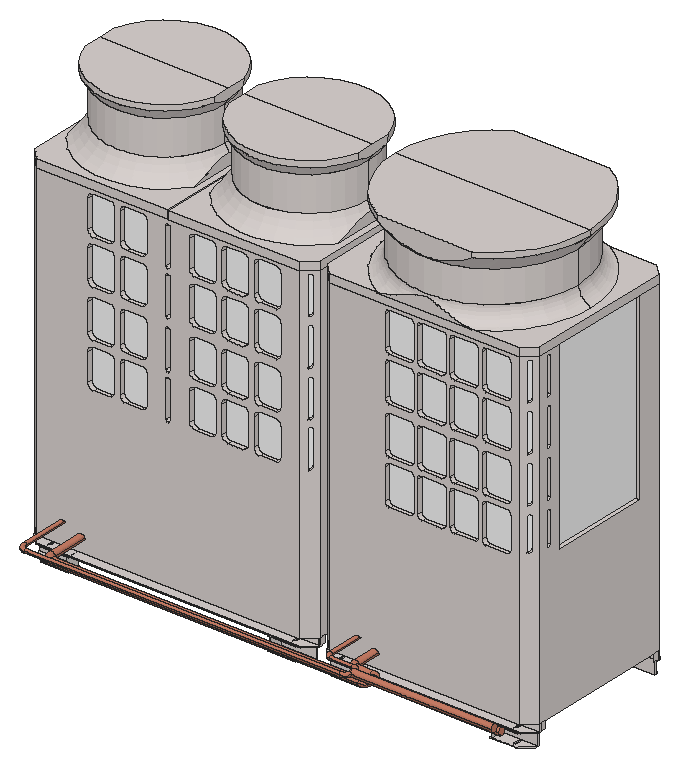
Revit family "PURY-EP650YSNW-A1", category 機械設備, Revit 2016
Family settings
  パーツ タイプ = 標準
  丸型コネクタ寸法 = 半径を使用
  OmniClass 番号 = 23.75.00.00
  OmniClass タイトル = Climate Control (HVAC)
  作業面に基づく = いいえ
  常に垂直 = はい
  ロード時にボイドで切り取り = いいえ
  共有 = いいえ
  部屋の計算ポイント = いいえ
Parameters (values of type "PURY-EP650YSNW-A1_415V_60Hz")
  WarrantyStart = ""
  Temp. range of cooling (Outdoor temp.) (D.B.) = "-5.0 to 52.0"
  Temp. range of cooling (Indoor temp.) (W.B.) = "15.0 to 24.0"
  TagNumber = 0
  SerialNumber = 0
  ReplacementYear = ""
  Outdoor unit 2 Breaker size (A) = 30
  Outdoor unit 1 Breaker size (A) = 40
  Note_1 = "Refrigerant pipe diameters may change depending on the installation condition. Please refer to the installation manual."
  モデル = "PURY-EP650YSNW-A1"
  Width = 2190.000 mm
  Voltage = 415 V
  Unit Weight (kg) = 505
  URL = "http://www.mitsubishielectric.com/"
  Temp. range of heating (Outdoor temp.) (W.B.) = "-20.0 to 15.5"
  Temp. range of heating (Indoor temp.) (D.B.) = "15.0 to 27.0"
  Subcategory = "HVAC"
  Space View = yes
  Sound Pressure Level (dB(A)) Heating mode = 69
  Sound Pressure Level (dB(A)) Cooling mode = 65
  Refrigerant type = "R410A"
  Refrigerant Charge (kg) = 13.2
  Protection Devices_Inverter circuit (COMP./FAN) = "Over-current protection"
  Protection Devices_High pressure (MPa) = "High pressure sensor, High pressure switch at 4.15"
  Phase = 3
  製造元 = "Mitsubishi Electric Corporation"
  Outdoor unit 2 = PURY-EP300YNW-A1 : PURY-EP300YNW-A1
  Outdoor unit 1 = PURY-EP350YNW-A1 : PURY-EP350YNW-A1
  Maximum Circuit Ampacity (A) = 44.7
  Low pressure pipe_radius = 14.290 mm
  InstallationDate = "0"
  Indoor Unit Total Capacity = "50 to 150% of outdoor unit capacity"
  Indoor Unit Model/Quantity = "P10 to P250/2 to 50"
  High pressure pipe_radius = 14.290 mm
  Hertz = 60 Hz
  Height = 1858.000 mm
  Heating SCOP (kW/kW) = 3.99
  Heating Rated Load Ampacity (A) = 32.4
  Heating Power Input (kW) = 21
  Heating Power Input (Nominal) (kW) = 17.67
  Heating Current Input (Nominal) (A) = 27.3
  Heating Current Input (A) = 32.4
  Heating Capacity (kW) = 81.5
  Heating Capacity (Nominal) (kW) = 73
  Heating COP (kW/kW) = 3.88
  Heating COP (Nominal) (kW/kW) = 4.13
  Fan_Type = "Propeller Fan"
  Fan_Quantity = 3
  Fan Motor Output (kW) = 1.84
  External static pressure (Pa) = 0
  External Finish = "Pre-coated galvanized steel sheets (+powder coating for -BS type) <MUNSELL 5Y 8/1 or similar>"
  Equip_description = "0"
  Equip_No. = 0
  Equip_ID = "0"
  Description = "0"
  Depth = 740.000 mm
  CreatedOn = "0"
  CreatedBy = "0"
  Cooling SEER (kW/kW) = 6.5
  Cooling Rated Load Ampacity (A) = 28.7
  Cooling Power Input (kW) = 18.57
  Cooling EER (kW/kW) = 3.93
  Cooling Current Input (A) = 28.7
  Cooling Capacity (kW) = 73
  Compressor_Type = "Inverter scroll hermetic compressor"
  Compressor_Quantity = 2
  Compressor_Lubricant = "MEL32"
  Compressor Motor Output (kW) = 16
  Category = "0"
  Barcode = "0"
  AssetIdentifier = "0"
  Airflow Rate (m3/min) = 490
  Airflow Rate (m3/h) = 29400
Reference planes
  plane 1 "Center (Front/Back)": y = 0
  plane 2: z = 0
  plane 3 "Center (Left/Right)": x = -160
  plane 4: y = 370
  plane 5 "front": y = -370
  plane 6: x = -1255
  plane 7: x = 935
  plane 8: x = 15
  plane 9: x = -15
  plane 10: z = 1858
  plane 11: x = 258
  plane 12: x = 183
Forms (mm)
  Sweep 1, solid, material "Copper"
    path origin (1017.215, -4.248, 187) x (0, -1, 0) y (1, 0, 0)
      loop
        line (360, -2112.386) -> (570, -2112.386)
        arc (570, -2112.386) -> (591.213, -2103.6) -> (600, -2082.386) r 30
        line (600, -2082.386) -> (600, -718.221)
        arc (600, -718.221) -> (594.142, -704.079) -> (580, -698.221) r 20
        line (580, -698.221) -> (552.385, -698.221)
        arc (552.385, -698.221) -> (538.243, -704.079) -> (532.385, -718.221) r 20
        line (532.385, -718.221) -> (532.385, -814.215)
        arc (532.385, -814.215) -> (526.527, -828.357) -> (512.385, -834.215) r 20
        line (512.385, -834.215) -> (357.385, -834.215)
    profile origin (-1095.172, -469.248, 187) x (1, 0, 0) y (0, 0, 1)
      loop
        circle (0, 0) r 7.94
  Sweep 2, solid, material "Copper"
    path origin (1039.386, -4.248, 155) x (0, -1, 0) y (1, 0, 0)
      loop
        line (360, -2053) -> (525, -2053)
        arc (525, -2053) -> (546.213, -2044.213) -> (555, -2023) r 30
        line (555, -2023) -> (555, -775.386) -> (555, -690.386)
        arc (555, -690.386) -> (549.142, -676.244) -> (535, -670.386) r 20
        line (535, -670.386) -> (510, -670.386)
        arc (510, -670.386) -> (495.858, -676.244) -> (490, -690.386) r 20
        line (490, -690.386) -> (490, -761.386)
        arc (490, -761.386) -> (484.142, -775.529) -> (470, -781.386) r 20
        line (470, -781.386) -> (360, -781.386)
    profile origin (-1013.614, -446.748, 155) x (1, 0, 0) y (0, 0, 1)
      loop
        circle (0, 0) r 14.29
  Sweep 3, solid, material "Copper"
    path origin (934.386, -4.248, 187) x (0, -1, 0) y (1, 0, 0)
      loop
        line (565.96, -609.386) -> (565.96, 0.614)
    profile origin (630, -570.208, 187) x (0, 1, 0) y (0, 0, 1)
      loop
        circle (0, 0) r 14.29
  Sweep 4, solid, material "Copper"
    path origin (934.386, -4.248, 155.027) x (-1, 0, 0) y (0, -1, 0)
      loop
        line (555, 523.84) -> (0, 523.84)
    profile origin (656.886, -528.088, 155.027) x (0, 1, 0) y (0, 0, 1)
      loop
        circle (0, 0) r 14.29
Dimensions and locks
  nested 2 to nested 1 to plane 7 = 30.000 mm, 920.000 mm
  nested 2 to nested 2 = 1240.000 mm
  "High pressure pipe_radius": radius of Sweep 3 sketch curve
  "Low pressure pipe_radius": radius of Sweep 4 sketch curve
  aligned and locked: level to plane 2
Automatic sketch dimensions
  Sweep 1 sketch curve to plane 5 "front" = 8.366 mm
  Sweep 1 sketch curve to plane 5 "front" = 5.752 mm
  plane 5 "front" to Sweep 1 sketch curve = 146.634 mm
  Sweep 1 sketch curve to Sweep 1 sketch curve = 20.000 mm  (x2)
  plane 5 "front" to Sweep 1 sketch curve = 204.248 mm
  Sweep 1 sketch curve to Sweep 1 sketch curve = 27.615 mm
  Sweep 1 sketch curve to Sweep 1 sketch curve = 30.000 mm
  plane 6 to Sweep 1 sketch curve = 159.828 mm
  plane 3 "Center (Left/Right)" to Sweep 1 sketch curve = 343.000 mm
  Sweep 1 sketch curve to Sweep 1 sketch curve = 95.994 mm
  profile plane to Sweep 1 sketch curve = 0.000 mm
  Sweep 1 sketch curve to profile plane = 0.000 mm
  Sweep 2 sketch curve to plane 5 "front" = 5.752 mm  (x2)
  plane 5 "front" to Sweep 2 sketch curve = 104.248 mm
  Sweep 2 sketch curve to Sweep 2 sketch curve = 20.000 mm  (x3)
  plane 5 "front" to Sweep 2 sketch curve = 159.248 mm
  Sweep 2 sketch curve to Sweep 2 sketch curve = 25.000 mm
  plane 6 to Sweep 2 sketch curve = 241.386 mm
  plane 3 "Center (Left/Right)" to Sweep 2 sketch curve = 424.000 mm
  Sweep 2 sketch curve to Sweep 2 sketch curve = 6.000 mm
  Sweep 2 sketch curve to Sweep 2 sketch curve = 71.000 mm
  profile plane to Sweep 2 sketch curve = 0.000 mm
  Sweep 2 sketch curve to profile plane = 0.000 mm
  Sweep 3 sketch curve to profile plane = 0.000 mm  (x2)
  Sweep 4 sketch curve to profile plane = 0.000 mm  (x2)
  Sweep 4 sketch curve to plane 7 = 0.614 mm
  plane 5 "front" to Sweep 4 sketch curve = 158.088 mm
  plane 11 to Sweep 4 sketch curve = 121.386 mm
  Sweep 3 sketch curve to plane 7 = 0.000 mm
  plane 5 "front" to Sweep 3 sketch curve = 200.208 mm
  plane 11 to Sweep 3 sketch curve = 67.000 mm
  radius of Sweep 1 sketch curve = 7.940 mm
  radius of Sweep 2 sketch curve = 14.290 mm
Nested families
  nested 1: "PURY-EP300YNW-A1" at (475, 0, 0), type "PURY-EP300YNW-A1"
  nested 2: "PURY-EP350YNW-A1" at (-635, 0, 0), type "PURY-EP350YNW-A1"
Connectors
  piping at (934.386, -528.088, 155.027), diameter 28.58, driven by "Low pressure pipe_radius"
    settings: on Sweep 4, index 1, connector inside diameter 28.58 mm, connector length 0.000 mm, flow factor 0, pipe flow 0.0 L/s, pressure drop 0.0 Pa, fitting loss kfactor 0, connector angle 0.00°, fixture units 0, engagement length 0.000 mm, angle of deflection 0.00°, flow configuration 0, flow direction 0, fitting loss method 0, system type 22, joint type 0, gender type 0, connector reference index -1, connector utility 0, adjustable connector no, is connector primary yes, connector description "BC controller-Twinning pipe(Low pressure)"
  piping at (935, -570.208, 187), diameter 28.58, driven by "High pressure pipe_radius"
    settings: on Sweep 3, index 2, connector inside diameter 28.58 mm, connector length 0.000 mm, flow factor 0, pipe flow 0.0 L/s, pressure drop 0.0 Pa, fitting loss kfactor 0, connector angle 0.00°, fixture units 0, engagement length 0.000 mm, angle of deflection 0.00°, flow configuration 0, flow direction 0, fitting loss method 0, system type 22, joint type 0, gender type 0, connector reference index -1, connector utility 0, adjustable connector no, is connector primary no, connector description "BC controller-Twinning pipe(High pressure)"
  electrical at (319, -370, 280), driven by "Phase", driven by "Voltage"
    settings: index 4, voltage 415 V, apparent load 0 VA, apparent load phase1 0 VA, apparent load phase2 0 VA, apparent load phase3 0 VA, power factor 1, load classification "HVAC", number of poles 3, system type 30, power factor state 1, is connector primary yes, connector utility no, sub classification motor no, connector description ""
  electrical at (-633, -370, 280), driven by "Phase", driven by "Voltage"
    settings: index 5, voltage 415 V, apparent load 0 VA, apparent load phase1 0 VA, apparent load phase2 0 VA, apparent load phase3 0 VA, power factor 1, load classification "HVAC", number of poles 3, system type 30, power factor state 1, is connector primary no, connector utility no, sub classification motor no, connector description ""
Definition of nested family "PURY-EP300YNW-A1"
  Parameters
    Model = "PUHY-P200YNW-A"
    URL = "http://www.mitsubishielectric.com/"
    Manufacturer = "Mitsubishi Electric Corporation"
    Liquid pipe_radius = 4.760 mm
    Gas pipe_radius = 11.100 mm
  Reference planes
    plane 1 "Center (Front/Back)": y = 0
    plane 2: z = 0
    plane 3 "Center (Left/Right)": x = 0
    plane 4 "11": through (-415, 370, 1200) normal (0.7071, -0.7071, 0)
    plane 5 "22": through (-415, -370, 1200) normal (-0.7071, -0.7071, 0)
    plane 6 "44": through (460, 325, 1200) normal (-0.7071, -0.7071, 0)
    plane 7 "33": through (460, -325, 1200) normal (0.7071, -0.7071, 0)
    plane 8: z = 754.5
    plane 9: z = 909.5
    plane 10: x = -300
    plane 11: x = -217
    plane 12: y = 370
    plane 13: y = -370
    plane 14: x = -460
    plane 15: x = 460
  Forms (mm)
    Extrusion 1, solid
      sketch origin (0, 0, 113) x (-1, 0, 0) y (0, -1, 0)
        loop
          line (410, -370) -> (460, -320) -> (460, 320) -> (410, 370) -> (-410, 370) -> (-460, 320) -> (-460, -320) -> (-410, -370) -> (410, -370)
      from -18 to 1408
    Extrusion 2, void
      sketch origin (410, -370, 113) x (1, 0, 0) y (0, 0, -1)
        loop
          arc (-55, -1393.5) -> (-40.858, -1387.642) -> (-35, -1373.5) r 20
          line (-35, -1373.5) -> (-35, -1238.676)
          arc (-35, -1238.676) -> (-40.858, -1224.534) -> (-55, -1218.676) r 20
          line (-55, -1218.676) -> (-139.8, -1218.676)
          arc (-139.8, -1218.676) -> (-153.942, -1224.534) -> (-159.8, -1238.676) r 20
          line (-159.8, -1238.676) -> (-159.8, -1373.5)
          arc (-159.8, -1373.5) -> (-153.942, -1387.642) -> (-139.8, -1393.5) r 20
          line (-139.8, -1393.5) -> (-55, -1393.5)
      from 0 to 20
    Extrusion 3, void
      sketch origin (270, -370, 113) x (1, 0, 0) y (0, 0, -1)
        loop
          arc (-55, -1393.5) -> (-40.858, -1387.642) -> (-35, -1373.5) r 20
          line (-35, -1373.5) -> (-35, -1238.676)
          arc (-35, -1238.676) -> (-40.858, -1224.534) -> (-55, -1218.676) r 20
          line (-55, -1218.676) -> (-139.8, -1218.676)
          arc (-139.8, -1218.676) -> (-153.942, -1224.534) -> (-159.8, -1238.676) r 20
          line (-159.8, -1238.676) -> (-159.8, -1373.5)
          arc (-159.8, -1373.5) -> (-153.942, -1387.642) -> (-139.8, -1393.5) r 20
          line (-139.8, -1393.5) -> (-55, -1393.5)
      from 0 to 20
    Extrusion 4, void
      sketch origin (130, -370, 113) x (1, 0, 0) y (0, 0, -1)
        loop
          arc (-55, -1393.5) -> (-40.858, -1387.642) -> (-35, -1373.5) r 20
          line (-35, -1373.5) -> (-35, -1238.676)
          arc (-35, -1238.676) -> (-40.858, -1224.534) -> (-55, -1218.676) r 20
          line (-55, -1218.676) -> (-139.8, -1218.676)
          arc (-139.8, -1218.676) -> (-153.942, -1224.534) -> (-159.8, -1238.676) r 20
          line (-159.8, -1238.676) -> (-159.8, -1373.5)
          arc (-159.8, -1373.5) -> (-153.942, -1387.642) -> (-139.8, -1393.5) r 20
          line (-139.8, -1393.5) -> (-55, -1393.5)
      from 0 to 20
    Extrusion 5, void
      sketch origin (-10, -370, 113) x (1, 0, 0) y (0, 0, -1)
        loop
          arc (-55, -1393.5) -> (-40.858, -1387.642) -> (-35, -1373.5) r 20
          line (-35, -1373.5) -> (-35, -1238.676)
          arc (-35, -1238.676) -> (-40.858, -1224.534) -> (-55, -1218.676) r 20
          line (-55, -1218.676) -> (-139.8, -1218.676)
          arc (-139.8, -1218.676) -> (-153.942, -1224.534) -> (-159.8, -1238.676) r 20
          line (-159.8, -1238.676) -> (-159.8, -1373.5)
          arc (-159.8, -1373.5) -> (-153.942, -1387.642) -> (-139.8, -1393.5) r 20
          line (-139.8, -1393.5) -> (-55, -1393.5)
      from 0 to 20
    Extrusion 6, void
      sketch origin (410, -370, -81) x (1, 0, 0) y (0, 0, -1)
        loop
          arc (-55, -1393.5) -> (-40.858, -1387.642) -> (-35, -1373.5) r 20
          line (-35, -1373.5) -> (-35, -1238.676)
          arc (-35, -1238.676) -> (-40.858, -1224.534) -> (-55, -1218.676) r 20
          line (-55, -1218.676) -> (-139.8, -1218.676)
          arc (-139.8, -1218.676) -> (-153.942, -1224.534) -> (-159.8, -1238.676) r 20
          line (-159.8, -1238.676) -> (-159.8, -1373.5)
          arc (-159.8, -1373.5) -> (-153.942, -1387.642) -> (-139.8, -1393.5) r 20
          line (-139.8, -1393.5) -> (-55, -1393.5)
      from 0 to 20
    Extrusion 7, void
      sketch origin (270, -370, -81) x (1, 0, 0) y (0, 0, -1)
        loop
          arc (-55, -1393.5) -> (-40.858, -1387.642) -> (-35, -1373.5) r 20
          line (-35, -1373.5) -> (-35, -1238.676)
          arc (-35, -1238.676) -> (-40.858, -1224.534) -> (-55, -1218.676) r 20
          line (-55, -1218.676) -> (-139.8, -1218.676)
          arc (-139.8, -1218.676) -> (-153.942, -1224.534) -> (-159.8, -1238.676) r 20
          line (-159.8, -1238.676) -> (-159.8, -1373.5)
          arc (-159.8, -1373.5) -> (-153.942, -1387.642) -> (-139.8, -1393.5) r 20
          line (-139.8, -1393.5) -> (-55, -1393.5)
      from 0 to 20
    Extrusion 8, void
      sketch origin (130, -370, -81) x (1, 0, 0) y (0, 0, -1)
        loop
          arc (-55, -1393.5) -> (-40.858, -1387.642) -> (-35, -1373.5) r 20
          line (-35, -1373.5) -> (-35, -1238.676)
          arc (-35, -1238.676) -> (-40.858, -1224.534) -> (-55, -1218.676) r 20
          line (-55, -1218.676) -> (-139.8, -1218.676)
          arc (-139.8, -1218.676) -> (-153.942, -1224.534) -> (-159.8, -1238.676) r 20
          line (-159.8, -1238.676) -> (-159.8, -1373.5)
          arc (-159.8, -1373.5) -> (-153.942, -1387.642) -> (-139.8, -1393.5) r 20
          line (-139.8, -1393.5) -> (-55, -1393.5)
      from 0 to 20
    Extrusion 9, void
      sketch origin (-10, -370, -81) x (1, 0, 0) y (0, 0, -1)
        loop
          arc (-55, -1393.5) -> (-40.858, -1387.642) -> (-35, -1373.5) r 20
          line (-35, -1373.5) -> (-35, -1238.676)
          arc (-35, -1238.676) -> (-40.858, -1224.534) -> (-55, -1218.676) r 20
          line (-55, -1218.676) -> (-139.8, -1218.676)
          arc (-139.8, -1218.676) -> (-153.942, -1224.534) -> (-159.8, -1238.676) r 20
          line (-159.8, -1238.676) -> (-159.8, -1373.5)
          arc (-159.8, -1373.5) -> (-153.942, -1387.642) -> (-139.8, -1393.5) r 20
          line (-139.8, -1393.5) -> (-55, -1393.5)
      from 0 to 20
    Extrusion 10, void
      sketch origin (410, -370, -287) x (1, 0, 0) y (0, 0, -1)
        loop
          arc (-55, -1393.5) -> (-40.858, -1387.642) -> (-35, -1373.5) r 20
          line (-35, -1373.5) -> (-35, -1238.676)
          arc (-35, -1238.676) -> (-40.858, -1224.534) -> (-55, -1218.676) r 20
          line (-55, -1218.676) -> (-139.8, -1218.676)
          arc (-139.8, -1218.676) -> (-153.942, -1224.534) -> (-159.8, -1238.676) r 20
          line (-159.8, -1238.676) -> (-159.8, -1373.5)
          arc (-159.8, -1373.5) -> (-153.942, -1387.642) -> (-139.8, -1393.5) r 20
          line (-139.8, -1393.5) -> (-55, -1393.5)
      from 0 to 20
    Extrusion 11, void
      sketch origin (270, -370, -287) x (1, 0, 0) y (0, 0, -1)
        loop
          arc (-55, -1393.5) -> (-40.858, -1387.642) -> (-35, -1373.5) r 20
          line (-35, -1373.5) -> (-35, -1238.676)
          arc (-35, -1238.676) -> (-40.858, -1224.534) -> (-55, -1218.676) r 20
          line (-55, -1218.676) -> (-139.8, -1218.676)
          arc (-139.8, -1218.676) -> (-153.942, -1224.534) -> (-159.8, -1238.676) r 20
          line (-159.8, -1238.676) -> (-159.8, -1373.5)
          arc (-159.8, -1373.5) -> (-153.942, -1387.642) -> (-139.8, -1393.5) r 20
          line (-139.8, -1393.5) -> (-55, -1393.5)
      from 0 to 20
    Extrusion 12, void
      sketch origin (130, -370, -287) x (1, 0, 0) y (0, 0, -1)
        loop
          arc (-55, -1393.5) -> (-40.858, -1387.642) -> (-35, -1373.5) r 20
          line (-35, -1373.5) -> (-35, -1238.676)
          arc (-35, -1238.676) -> (-40.858, -1224.534) -> (-55, -1218.676) r 20
          line (-55, -1218.676) -> (-139.8, -1218.676)
          arc (-139.8, -1218.676) -> (-153.942, -1224.534) -> (-159.8, -1238.676) r 20
          line (-159.8, -1238.676) -> (-159.8, -1373.5)
          arc (-159.8, -1373.5) -> (-153.942, -1387.642) -> (-139.8, -1393.5) r 20
          line (-139.8, -1393.5) -> (-55, -1393.5)
      from 0 to 20
    Extrusion 13, void
      sketch origin (-10, -370, -287) x (1, 0, 0) y (0, 0, -1)
        loop
          arc (-55, -1393.5) -> (-40.858, -1387.642) -> (-35, -1373.5) r 20
          line (-35, -1373.5) -> (-35, -1238.676)
          arc (-35, -1238.676) -> (-40.858, -1224.534) -> (-55, -1218.676) r 20
          line (-55, -1218.676) -> (-139.8, -1218.676)
          arc (-139.8, -1218.676) -> (-153.942, -1224.534) -> (-159.8, -1238.676) r 20
          line (-159.8, -1238.676) -> (-159.8, -1373.5)
          arc (-159.8, -1373.5) -> (-153.942, -1387.642) -> (-139.8, -1393.5) r 20
          line (-139.8, -1393.5) -> (-55, -1393.5)
      from 0 to 20
    Extrusion 14, void
      sketch origin (410, -370, -481) x (1, 0, 0) y (0, 0, -1)
        loop
          arc (-55, -1393.5) -> (-40.858, -1387.642) -> (-35, -1373.5) r 20
          line (-35, -1373.5) -> (-35, -1238.676)
          arc (-35, -1238.676) -> (-40.858, -1224.534) -> (-55, -1218.676) r 20
          line (-55, -1218.676) -> (-139.8, -1218.676)
          arc (-139.8, -1218.676) -> (-153.942, -1224.534) -> (-159.8, -1238.676) r 20
          line (-159.8, -1238.676) -> (-159.8, -1373.5)
          arc (-159.8, -1373.5) -> (-153.942, -1387.642) -> (-139.8, -1393.5) r 20
          line (-139.8, -1393.5) -> (-55, -1393.5)
      from 0 to 20
    Extrusion 15, void
      sketch origin (270, -370, -481) x (1, 0, 0) y (0, 0, -1)
        loop
          arc (-55, -1393.5) -> (-40.858, -1387.642) -> (-35, -1373.5) r 20
          line (-35, -1373.5) -> (-35, -1238.676)
          arc (-35, -1238.676) -> (-40.858, -1224.534) -> (-55, -1218.676) r 20
          line (-55, -1218.676) -> (-139.8, -1218.676)
          arc (-139.8, -1218.676) -> (-153.942, -1224.534) -> (-159.8, -1238.676) r 20
          line (-159.8, -1238.676) -> (-159.8, -1373.5)
          arc (-159.8, -1373.5) -> (-153.942, -1387.642) -> (-139.8, -1393.5) r 20
          line (-139.8, -1393.5) -> (-55, -1393.5)
      from 0 to 20
    Extrusion 16, void
      sketch origin (130, -370, -481) x (1, 0, 0) y (0, 0, -1)
        loop
          arc (-55, -1393.5) -> (-40.858, -1387.642) -> (-35, -1373.5) r 20
          line (-35, -1373.5) -> (-35, -1238.676)
          arc (-35, -1238.676) -> (-40.858, -1224.534) -> (-55, -1218.676) r 20
          line (-55, -1218.676) -> (-139.8, -1218.676)
          arc (-139.8, -1218.676) -> (-153.942, -1224.534) -> (-159.8, -1238.676) r 20
          line (-159.8, -1238.676) -> (-159.8, -1373.5)
          arc (-159.8, -1373.5) -> (-153.942, -1387.642) -> (-139.8, -1393.5) r 20
          line (-139.8, -1393.5) -> (-55, -1393.5)
      from 0 to 20
    Extrusion 17, void
      sketch origin (-10, -370, -481) x (1, 0, 0) y (0, 0, -1)
        loop
          arc (-55, -1393.5) -> (-40.858, -1387.642) -> (-35, -1373.5) r 20
          line (-35, -1373.5) -> (-35, -1238.676)
          arc (-35, -1238.676) -> (-40.858, -1224.534) -> (-55, -1218.676) r 20
          line (-55, -1218.676) -> (-139.8, -1218.676)
          arc (-139.8, -1218.676) -> (-153.942, -1224.534) -> (-159.8, -1238.676) r 20
          line (-159.8, -1238.676) -> (-159.8, -1373.5)
          arc (-159.8, -1373.5) -> (-153.942, -1387.642) -> (-139.8, -1393.5) r 20
          line (-139.8, -1393.5) -> (-55, -1393.5)
      from 0 to 20
    Extrusion 18, solid
      sketch origin (0, -189, -3) x (0, 0, -1) y (-1, 0, 0)
        loop
          circle (-179, 217) r 11.1
      from 0 to 150
    Extrusion 19, solid
      sketch origin (0, -172, -3) x (0, 0, -1) y (-1, 0, 0)
        loop
          circle (-179, 300) r 4.76
      from 0 to 150
    Extrusion 20, void
      sketch origin (-460, -320, 113) x (0, -1, 0) y (0, 0, -1)
        loop
          line (-611.5, -1236.511) -> (-611.5, -1386.5)
          arc (-611.5, -1386.5) -> (-601.5, -1396.5) -> (-591.5, -1386.5) r 10
          line (-591.5, -1386.5) -> (-591.5, -1236.511)
          arc (-591.5, -1236.511) -> (-601.5, -1226.511) -> (-611.5, -1236.511) r 10
      from 0 to 20
    Extrusion 21, void
      sketch origin (-460, -320, -87.006) x (0, -1, 0) y (0, 0, -1)
        loop
          line (-611.5, -1236.511) -> (-611.5, -1386.5)
          arc (-611.5, -1386.5) -> (-601.5, -1396.5) -> (-591.5, -1386.5) r 10
          line (-591.5, -1386.5) -> (-591.5, -1236.511)
          arc (-591.5, -1236.511) -> (-601.5, -1226.511) -> (-611.5, -1236.511) r 10
      from 0 to 20
    Extrusion 22, void
      sketch origin (-460, -320, -287.006) x (0, -1, 0) y (0, 0, -1)
        loop
          line (-611.5, -1236.511) -> (-611.5, -1386.5)
          arc (-611.5, -1386.5) -> (-601.5, -1396.5) -> (-591.5, -1386.5) r 10
          line (-591.5, -1386.5) -> (-591.5, -1236.511)
          arc (-591.5, -1236.511) -> (-601.5, -1226.511) -> (-611.5, -1236.511) r 10
      from 0 to 20
    Extrusion 23, void
      sketch origin (-460, -320, -479.506) x (0, -1, 0) y (0, 0, -1)
        loop
          line (-611.5, -1244.006) -> (-611.5, -1379.006)
          arc (-611.5, -1379.006) -> (-601.5, -1389.006) -> (-591.5, -1379.006) r 10
          line (-591.5, -1379.006) -> (-591.5, -1244.006)
          arc (-591.5, -1244.006) -> (-601.5, -1234.006) -> (-611.5, -1244.006) r 10
      from 0 to 20
    Extrusion 24, void
      sketch origin (-460, -320, 113) x (0, -1, 0) y (0, 0, -1)
        loop
          line (-543, -1408) -> (-215, -1408) -> (-215, -632) -> (-543, -632) -> (-543, -1408)
      from 0 to 20
    Extrusion 25, void
      sketch origin (-410, 370, 113) x (0.707107, 0.707107, 0) y (0, 0, 1)
        loop
          line (-27.158, 1236.539) -> (-27.158, 1386.461)
          arc (-27.158, 1386.461) -> (-37.158, 1396.461) -> (-47.158, 1386.461) r 10
          line (-47.158, 1386.461) -> (-47.158, 1236.539)
          arc (-47.158, 1236.539) -> (-37.158, 1226.539) -> (-27.158, 1236.539) r 10
        loop
          line (-27.158, 1036.539) -> (-27.158, 1186.461)
          arc (-27.158, 1186.461) -> (-37.158, 1196.461) -> (-47.158, 1186.461) r 10
          line (-47.158, 1186.461) -> (-47.158, 1036.539)
          arc (-47.158, 1036.539) -> (-37.158, 1026.539) -> (-27.158, 1036.539) r 10
        loop
          line (-27.158, 836.539) -> (-27.158, 986.461)
          arc (-27.158, 986.461) -> (-37.158, 996.461) -> (-47.158, 986.461) r 10
          line (-47.158, 986.461) -> (-47.158, 836.539)
          arc (-47.158, 836.539) -> (-37.158, 826.539) -> (-27.158, 836.539) r 10
        loop
          line (-27.158, 652.5) -> (-27.158, 785.5)
          arc (-27.158, 785.5) -> (-37.158, 795.5) -> (-47.158, 785.5) r 10
          line (-47.158, 785.5) -> (-47.158, 652.5)
          arc (-47.158, 652.5) -> (-37.158, 642.5) -> (-27.158, 652.5) r 10
      from 0 to 20
    Extrusion 26, void
      sketch origin (460, -320, 113) x (0.707107, 0.707107, 0) y (0, 0, -1)
        loop
          arc (-25.5, -1236.423) -> (-35.5, -1226.423) -> (-45.5, -1236.423) r 10
          line (-45.5, -1236.423) -> (-45.5, -1386.487)
          arc (-45.5, -1386.487) -> (-35.5, -1396.487) -> (-25.5, -1386.487) r 10
          line (-25.5, -1386.487) -> (-25.5, -1236.423)
      from 0 to 20
    Extrusion 27, void
      sketch origin (460, -320, -86.884) x (0.707107, 0.707107, 0) y (0, 0, -1)
        loop
          arc (-25.5, -1236.423) -> (-35.5, -1226.423) -> (-45.5, -1236.423) r 10
          line (-45.5, -1236.423) -> (-45.5, -1386.487)
          arc (-45.5, -1386.487) -> (-35.5, -1396.487) -> (-25.5, -1386.487) r 10
          line (-25.5, -1386.487) -> (-25.5, -1236.423)
      from 0 to 20
    Extrusion 28, void
      sketch origin (460, -320, -286.884) x (0.707107, 0.707107, 0) y (0, 0, -1)
        loop
          arc (-25.5, -1236.423) -> (-35.5, -1226.423) -> (-45.5, -1236.423) r 10
          line (-45.5, -1236.423) -> (-45.5, -1386.487)
          arc (-45.5, -1386.487) -> (-35.5, -1396.487) -> (-25.5, -1386.487) r 10
          line (-25.5, -1386.487) -> (-25.5, -1236.423)
      from 0 to 20
    Extrusion 29, void
      sketch origin (460, -320, -487.987) x (0.707107, 0.707107, 0) y (0, 0, -1)
        loop
          arc (-25.5, -1253.487) -> (-35.5, -1243.487) -> (-45.5, -1253.487) r 10
          line (-45.5, -1253.487) -> (-45.5, -1386.487)
          arc (-45.5, -1386.487) -> (-35.5, -1396.487) -> (-25.5, -1386.487) r 10
          line (-25.5, -1386.487) -> (-25.5, -1253.487)
      from 0 to 20
    Extrusion 30, void
      sketch origin (460, 320, 113) x (0, 1, 0) y (0, 0, -1)
        loop
          line (-604, -1236.423) -> (-604, -1386.487)
          arc (-604, -1386.487) -> (-594, -1396.487) -> (-584, -1386.487) r 10
          line (-584, -1386.487) -> (-584, -1236.423)
          arc (-584, -1236.423) -> (-594, -1226.423) -> (-604, -1236.423) r 10
        loop
          line (-604, -1036.539) -> (-604, -1186.603)
          arc (-604, -1186.603) -> (-594, -1196.603) -> (-584, -1186.603) r 10
          line (-584, -1186.603) -> (-584, -1036.539)
          arc (-584, -1036.539) -> (-594, -1026.539) -> (-604, -1036.539) r 10
        loop
          line (-604, -836.539) -> (-604, -986.603)
          arc (-604, -986.603) -> (-594, -996.603) -> (-584, -986.603) r 10
          line (-584, -986.603) -> (-584, -836.539)
          arc (-584, -836.539) -> (-594, -826.539) -> (-604, -836.539) r 10
        loop
          line (-604, -652.5) -> (-604, -785.5)
          arc (-604, -785.5) -> (-594, -795.5) -> (-584, -785.5) r 10
          line (-584, -785.5) -> (-584, -652.5)
          arc (-584, -652.5) -> (-594, -642.5) -> (-604, -652.5) r 10
      from 0 to 20
    Extrusion 31, void
      sketch origin (460, 320, 113) x (0, 1, 0) y (0, 0, -1)
        loop
          line (-542, -1408) -> (-100, -1408) -> (-100, -611.5) -> (-542, -611.5) -> (-542, -1408)
      from 0 to 20
    Extrusion 32, void
      sketch origin (-410, 370, 113) x (-1, 0, 0) y (0, 0, -1)
        loop
          line (-718, -1408) -> (-47, -1408) -> (-47, -613) -> (-718, -613) -> (-718, -1408)
      from 0 to 20
  Cuts and joins
    Extrusion 2, Extrusion 3, Extrusion 4, Extrusion 5, Extrusion 6, Extrusion 7, Extrusion 8, Extrusion 9, Extrusion 10, Extrusion 11, Extrusion 12, Extrusion 13, Extrusion 14, Extrusion 15, Extrusion 16, Extrusion 17, Extrusion 20, Extrusion 21, Extrusion 22, Extrusion 23, Extrusion 24, Extrusion 25, Extrusion 26, Extrusion 27, Extrusion 28, Extrusion 29, Extrusion 30, Extrusion 31, Extrusion 32 cuts Extrusion 1
  Lines and regions (mm)
    model lines
      curve 1: line (-390, -370, 716) -> (390, -370, 716)
      curve 2: line (-390, -370, 1521) -> (-390, -370, 95)
      curve 3: line (390, -370, 1521) -> (390, -370, 95)
      curve 4: line (-172, -370, 95) -> (-172, -370, 207.5)
      curve 5: line (390, -370, 224.5) -> (199, -370, 224.5)
      curve 6: line (172, -370, 197.5) -> (172, -370, 95)
      curve 7: arc (-189, -370, 224.5) -> (-176.979, -370, 219.521) -> (-172, -370, 207.5) r 17
      curve 8: arc (199, -370, 224.5) -> (179.908, -370, 216.592) -> (172, -370, 197.5) r 27
      curve 9: line (-192, -291, 95) -> (-322, -291, 95)
      curve 10: line (-182, -207, 95) -> (-182, -281, 95)
      curve 11: line (-322, -197, 95) -> (-192, -197, 95)
      curve 12: line (-332, -281, 95) -> (-332, -207, 95)
      curve 13: arc (-332, -281, 95) -> (-329.071, -288.071, 95) -> (-322, -291, 95) r 10
      curve 14: arc (-192, -291, 95) -> (-184.929, -288.071, 95) -> (-182, -281, 95) r 10
      curve 15: arc (-182, -207, 95) -> (-184.929, -199.929, 95) -> (-192, -197, 95) r 10
      curve 16: arc (-322, -197, 95) -> (-329.071, -199.929, 95) -> (-332, -207, 95) r 10
      curve 25: line (-219, -370, 1521) -> (-219, -370, 716)
      curve 26: line (-189, -370, 224.5) -> (-390, -370, 224.5)
      curve 27: circle (308, -185, 95) r 26 normal (0, 0, 1)
      curve 28: circle (288, -260, 95) r 32.5 normal (0, 0, 1)
      curve 29: circle (244, -204, 95) r 17 normal (0, 0, 1)
      curve 30: line (-460, 243, 1521) -> (-460, 243, 95)
      curve 32: line (-460, 243, 705) -> (-460, -155, 705)
      curve 33: line (-460, -155, 95) -> (-460, -155, 1521)
      curve 34: line (-460, 223, 1521) -> (-460, 223, 705)
      curve 35: line (-460, -105, 1521) -> (-460, -105, 705)
      curve 36: line (-460, -95.983, 267.745) -> (-460, 184, 267.745)
      curve 37: line (-460, 184, 247.745) -> (-460, -95.983, 247.745)
      curve 38: arc (-460, -95.983, 247.745) -> (-460, -105.983, 257.745) -> (-460, -95.983, 267.745) r 10
      curve 39: arc (-460, 184, 267.745) -> (-460, 194, 257.745) -> (-460, 184, 247.745) r 10
      curve 40: line (-460, -95.983, 372.745) -> (-460, 184, 372.745)
      curve 41: line (-460, 184, 352.745) -> (-460, -95.983, 352.745)
      curve 42: arc (-460, -95.983, 352.745) -> (-460, -105.983, 362.745) -> (-460, -95.983, 372.745) r 10
      curve 43: arc (-460, 184, 372.745) -> (-460, 194, 362.745) -> (-460, 184, 352.745) r 10
      curve 44: line (-460, -95.983, 477.745) -> (-460, 184, 477.745)
      curve 45: line (-460, 184, 457.745) -> (-460, -95.983, 457.745)
      curve 46: arc (-460, -95.983, 457.745) -> (-460, -105.983, 467.745) -> (-460, -95.983, 477.745) r 10
      curve 47: arc (-460, 184, 477.745) -> (-460, 194, 467.745) -> (-460, 184, 457.745) r 10
      curve 48: line (-460, -95.983, 582.745) -> (-460, 184, 582.745)
      curve 49: line (-460, 184, 562.745) -> (-460, -95.983, 562.745)
      curve 50: arc (-460, -95.983, 562.745) -> (-460, -105.983, 572.745) -> (-460, -95.983, 582.745) r 10
      curve 51: arc (-460, 184, 582.745) -> (-460, 194, 572.745) -> (-460, 184, 562.745) r 10
      curve 52: line (-110, -370, 269) -> (110, -370, 269)
      curve 53: line (110, -370, 249) -> (-110, -370, 249)
      curve 54: arc (-120, -370, 259) -> (-117.071, -370, 266.071) -> (-110, -370, 269) r 10
      curve 55: arc (-110, -370, 249) -> (-117.071, -370, 251.929) -> (-120, -370, 259) r 10
      curve 56: arc (110, -370, 269) -> (117.071, -370, 266.071) -> (120, -370, 259) r 10
      curve 57: arc (120, -370, 259) -> (117.071, -370, 251.929) -> (110, -370, 249) r 10
      curve 58: line (-222.5, -370, 584) -> (222.5, -370, 584)
      curve 59: line (222.5, -370, 564) -> (-222.5, -370, 564)
      curve 60: arc (-222.5, -370, 584) -> (-229.571, -370, 581.071) -> (-232.5, -370, 574) r 10
      curve 61: arc (222.5, -370, 584) -> (229.571, -370, 581.071) -> (232.5, -370, 574) r 10
      curve 62: arc (232.5, -370, 574) -> (229.571, -370, 566.929) -> (222.5, -370, 564) r 10
      curve 63: arc (-222.5, -370, 564) -> (-229.571, -370, 566.929) -> (-232.5, -370, 574) r 10
      curve 64: line (-222.5, -370, 479) -> (222.5, -370, 479)
      curve 65: line (222.5, -370, 459) -> (-222.5, -370, 459)
      curve 66: arc (-222.5, -370, 479) -> (-229.571, -370, 476.071) -> (-232.5, -370, 469) r 10
      curve 67: arc (222.5, -370, 479) -> (229.571, -370, 476.071) -> (232.5, -370, 469) r 10
      curve 68: arc (232.5, -370, 469) -> (229.571, -370, 461.929) -> (222.5, -370, 459) r 10
      curve 69: arc (-222.5, -370, 459) -> (-229.571, -370, 461.929) -> (-232.5, -370, 469) r 10
      curve 70: line (-222.5, -370, 374) -> (222.5, -370, 374)
      curve 71: line (222.5, -370, 354) -> (-222.5, -370, 354)
      curve 72: arc (-222.5, -370, 374) -> (-229.571, -370, 371.071) -> (-232.5, -370, 364) r 10
      curve 73: arc (222.5, -370, 374) -> (229.571, -370, 371.071) -> (232.5, -370, 364) r 10
      curve 74: arc (232.5, -370, 364) -> (229.571, -370, 356.929) -> (222.5, -370, 354) r 10
      curve 75: arc (-222.5, -370, 354) -> (-229.571, -370, 356.929) -> (-232.5, -370, 364) r 10
      curve 76: line (460, -237.5, 1521) -> (460, -237.5, 95)
      curve 77: line (460, -237.5, 705) -> (460, 236.5, 705)
      curve 78: line (460, -237.5, 724.5) -> (460, 236.5, 724.5)
      curve 79: line (460, 236.5, 1521) -> (460, 236.5, 95)
      curve 80: line (327.5, 370, 1521) -> (327.5, 370, 95)
      curve 81: line (308, 370, 1521) -> (308, 370, 706)
      curve 82: line (327.5, 370, 706) -> (-382.5, 370, 706)
      curve 83: line (-382.5, 370, 1521) -> (-382.5, 370, 95)
      curve 84: line (-363, 370, 1521) -> (-363, 370, 706)
      curve 85: line (460, -140.491, 267.745) -> (460, 139.491, 267.745)
      curve 86: line (460, 139.491, 247.745) -> (460, -140.491, 247.745)
      curve 87: arc (460, -140.491, 247.745) -> (460, -150.491, 257.745) -> (460, -140.491, 267.745) r 10
      curve 88: arc (460, 139.491, 267.745) -> (460, 149.491, 257.745) -> (460, 139.491, 247.745) r 10
      curve 89: line (460, -140.491, 372.745) -> (460, 139.491, 372.745)
      curve 90: line (460, 139.491, 352.745) -> (460, -140.491, 352.745)
      curve 91: arc (460, -140.491, 352.745) -> (460, -150.491, 362.745) -> (460, -140.491, 372.745) r 10
      curve 92: arc (460, 139.491, 372.745) -> (460, 149.491, 362.745) -> (460, 139.491, 352.745) r 10
      curve 93: line (460, -140.491, 477.745) -> (460, 139.491, 477.745)
      curve 94: line (460, 139.491, 457.745) -> (460, -140.491, 457.745)
      curve 95: arc (460, -140.491, 457.745) -> (460, -150.491, 467.745) -> (460, -140.491, 477.745) r 10
      curve 96: arc (460, 139.491, 477.745) -> (460, 149.491, 467.745) -> (460, 139.491, 457.745) r 10
      curve 97: line (460, -140.491, 582.745) -> (460, 139.491, 582.745)
      curve 98: line (460, 139.491, 562.745) -> (460, -140.491, 562.745)
      curve 99: arc (460, -140.491, 562.745) -> (460, -150.491, 572.745) -> (460, -140.491, 582.745) r 10
      curve 100: arc (460, 139.491, 582.745) -> (460, 149.491, 572.745) -> (460, 139.491, 562.745) r 10
      curve 101: line (-222.5, 370, 584) -> (222.5, 370, 584)
      curve 102: line (222.5, 370, 564) -> (-222.5, 370, 564)
      curve 103: arc (-222.5, 370, 584) -> (-229.571, 370, 581.071) -> (-232.5, 370, 574) r 10
      curve 104: arc (222.5, 370, 584) -> (229.571, 370, 581.071) -> (232.5, 370, 574) r 10
      curve 105: arc (232.5, 370, 574) -> (229.571, 370, 566.929) -> (222.5, 370, 564) r 10
      curve 106: arc (-222.5, 370, 564) -> (-229.571, 370, 566.929) -> (-232.5, 370, 574) r 10
      curve 107: line (-222.5, 370, 479) -> (222.5, 370, 479)
      curve 108: line (222.5, 370, 459) -> (-222.5, 370, 459)
      curve 109: arc (-222.5, 370, 479) -> (-229.571, 370, 476.071) -> (-232.5, 370, 469) r 10
      curve 110: arc (222.5, 370, 479) -> (229.571, 370, 476.071) -> (232.5, 370, 469) r 10
      curve 111: arc (232.5, 370, 469) -> (229.571, 370, 461.929) -> (222.5, 370, 459) r 10
      curve 112: arc (-222.5, 370, 459) -> (-229.571, 370, 461.929) -> (-232.5, 370, 469) r 10
      curve 113: line (-222.5, 370, 374) -> (222.5, 370, 374)
      curve 114: line (222.5, 370, 354) -> (-222.5, 370, 354)
      curve 115: arc (-222.5, 370, 374) -> (-229.571, 370, 371.071) -> (-232.5, 370, 364) r 10
      curve 116: arc (222.5, 370, 374) -> (229.571, 370, 371.071) -> (232.5, 370, 364) r 10
      curve 117: arc (232.5, 370, 364) -> (229.571, 370, 356.929) -> (222.5, 370, 354) r 10
      curve 118: arc (-222.5, 370, 354) -> (-229.571, 370, 356.929) -> (-232.5, 370, 364) r 10
      curve 119: line (-222.5, 370, 269) -> (222.5, 370, 269)
      curve 120: line (222.5, 370, 249) -> (-222.5, 370, 249)
      curve 121: arc (-222.5, 370, 269) -> (-229.571, 370, 266.071) -> (-232.5, 370, 259) r 10
      curve 122: arc (222.5, 370, 269) -> (229.571, 370, 266.071) -> (232.5, 370, 259) r 10
      curve 123: arc (232.5, 370, 259) -> (229.571, 370, 251.929) -> (222.5, 370, 249) r 10
      curve 124: arc (-222.5, 370, 249) -> (-229.571, 370, 251.929) -> (-232.5, 370, 259) r 10
      curve 125: line (-325, -370, 131) -> (-197, -370, 131)
      curve 126: line (-335, -370, 205) -> (-335, -370, 141)
      curve 127: line (-197, -370, 215) -> (-325, -370, 215)
      curve 128: line (-187, -370, 141) -> (-187, -370, 205)
      curve 129: arc (-335, -370, 205) -> (-332.071, -370, 212.071) -> (-325, -370, 215) r 10
      curve 130: arc (-197, -370, 215) -> (-189.929, -370, 212.071) -> (-187, -370, 205) r 10
      curve 131: arc (-335, -370, 141) -> (-332.071, -370, 133.929) -> (-325, -370, 131) r 10
      curve 132: arc (-197, -370, 131) -> (-189.929, -370, 133.929) -> (-187, -370, 141) r 10
      curve 133: circle (328, -370, 170) r 20 normal (0, -1, 0)
      curve 134: circle (328, -370, 170) r 32.5 normal (0, -1, 0)
      curve 135: circle (253, -370, 185) r 13.5 normal (0, -1, 0)
      curve 136: circle (253, -370, 185) r 26 normal (0, -1, 0)
      curve 137: circle (204, -370, 150) r 17 normal (0, -1, 0)
    model lines, not visible
      curve 17: line (487.5, -370, 703) -> (492.5, -370, 703)
      curve 18: line (477.5, -370, 363) -> (477.5, -370, 693)
      curve 19: line (492.5, -370, 353) -> (487.5, -370, 353)
      curve 20: line (502.5, -370, 693) -> (502.5, -370, 363)
      curve 21: arc (487.5, -370, 703) -> (480.429, -370, 700.071) -> (477.5, -370, 693) r 10
      curve 22: arc (492.5, -370, 703) -> (499.571, -370, 700.071) -> (502.5, -370, 693) r 10
      curve 23: arc (502.5, -370, 363) -> (499.571, -370, 355.929) -> (492.5, -370, 353) r 10
      curve 24: arc (477.5, -370, 363) -> (480.429, -370, 355.929) -> (487.5, -370, 353) r 10
    reference lines
      curve 31: line (-410, 370, 0) -> (-460, 320, 0)
  Dimensions and locks
    nested 1 to level = 1858.000 mm
    nested 1 to nested 1 = 303.000 mm
    nested 5 to nested 5 = 60.000 mm
    nested 1 to nested 2 = 1495.000 mm
    Extrusion 1 to Extrusion 1 = 920.000 mm
    Extrusion 2 sketch curve to Extrusion 2 sketch curve = 174.824 mm
    Extrusion 3 sketch curve to Extrusion 3 sketch curve = 174.824 mm
    equal spacing: group 5, group 4, group 3, group 2
    equal spacing: group 2, group 3, group 4, group 5  (x2)
    Extrusion 4 sketch curve to Extrusion 4 sketch curve = 174.824 mm
    Extrusion 5 sketch curve to Extrusion 5 sketch curve = 174.824 mm
    Extrusion 6 sketch curve to Extrusion 6 sketch curve = 174.824 mm
    Extrusion 7 sketch curve to Extrusion 7 sketch curve = 174.824 mm
    Extrusion 8 sketch curve to Extrusion 8 sketch curve = 174.824 mm
    Extrusion 9 sketch curve to Extrusion 9 sketch curve = 174.824 mm
    Extrusion 10 sketch curve to Extrusion 10 sketch curve = 174.824 mm
    Extrusion 11 sketch curve to Extrusion 11 sketch curve = 174.824 mm
    Extrusion 12 sketch curve to Extrusion 12 sketch curve = 174.824 mm
    Extrusion 13 sketch curve to Extrusion 13 sketch curve = 174.824 mm
    Extrusion 14 sketch curve to Extrusion 14 sketch curve = 174.824 mm
    Extrusion 15 sketch curve to Extrusion 15 sketch curve = 174.824 mm
    Extrusion 16 sketch curve to Extrusion 16 sketch curve = 174.824 mm
    Extrusion 17 sketch curve to Extrusion 17 sketch curve = 174.824 mm
    cut or joined group 1 (Extrusion 1, Extrusion 2, Extrusion 3, Extrusion 4, Extrusion 5, Extrusion 6, Extrusion 7, Extrusion 8, Extrusion 9, Extrusion 10, Extrusion 11, Extrusion 12, Extrusion 13, Extrusion 14, Extrusion 15, Extrusion 16, Extrusion 17, Extrusion 20, Extrusion 21, Extrusion 22, Extrusion 23, Extrusion 24, Extrusion 25, Extrusion 26, Extrusion 27, Extrusion 28, Extrusion 29, Extrusion 30, Extrusion 31, Extrusion 32) to cut or joined group 1 = 820.000 mm
    cut or joined group 1 to cut or joined group 1 = 920.000 mm
    cut or joined group 1 to cut or joined group 1 = 740.000 mm
    nested 5 to cut or joined group 1 = 80.000 mm
    cut or joined group 1 to nested 4 to nested 5 = 80.000 mm, 760.000 mm
    cut or joined group 1 to nested 2 = 29.500 mm
    cut or joined group 1 to nested 3 to nested 2 = 29.500 mm, 681.000 mm
    cut or joined group 1 to cut or joined group 1 = 35.000 mm
    plane 6 "44" to cut or joined group 1 = 3.536 mm
    Extrusion 25 sketch curve to Extrusion 25 sketch curve = 20.000 mm
    cut or joined group 1 to cut or joined group 1 = 50.000 mm
    locked: Extrusion 19 to nested 2 at 116
    curve 137 to nested 2 = 90.000 mm
    curve 135 to nested 2 = 125.000 mm
    curve 133 to nested 2 = 110.000 mm
    cut or joined group 1 to curve 133 = 132.000 mm
    cut or joined group 1 to curve 135 = 207.000 mm
    cut or joined group 1 to curve 137 = 256.000 mm
    cut or joined group 1 to curve 126 to curve 128 = 125.000 mm, 148.000 mm
    curve 127 to curve 125 to nested 2 = 84.000 mm, 71.000 mm
    cut or joined group 1 to Extrusion 19 = 198.000 mm
    cut or joined group 1 to Extrusion 18 = 181.000 mm
    cut or joined group 1 to curve 29 = 166.000 mm
    cut or joined group 1 to curve 27 = 185.000 mm
    cut or joined group 1 to curve 28 = 110.000 mm
    curve 27 to cut or joined group 1 = 152.000 mm
    curve 28 to cut or joined group 1 = 172.000 mm
    curve 29 to cut or joined group 1 = 216.000 mm
    cut or joined group 1 to curve 9 to curve 11 = 79.000 mm, 94.000 mm
    cut or joined group 1 to curve 12 to curve 10 = 128.000 mm, 150.000 mm
    cut or joined group 1 to plane 10 = 160.000 mm
    cut or joined group 1 to plane 11 = 243.000 mm
    nested 4 to nested 4 = 60.000 mm
    cut or joined group 1 to nested 2 = 32.000 mm
    nested 4 to nested 4 = 56.000 mm
    nested 2 to nested 2 to nested 2 = 20.000 mm, 54.000 mm
    nested 3 to nested 2 = 592.000 mm
    nested 3 to nested 3 = 20.000 mm
    aligned and locked: level to plane 2
    aligned and locked: nested 2 to nested 4
    aligned and locked: nested 2 to nested 5
  Nested families
    nested 1: "FAN GUARD" at (0, 0, 861), type "FAN GUARD"
      with WIDTH 920.000 mm
    nested 2: "BASE LEG" at (0, -352, 60), type "BASE LEG"
      with Width 920.000 mm
    nested 3: "BASE LEG" at (0, 352, 60), type "BASE LEG"
      with Width 920.000 mm
    nested 4: "ATTACHMENT LEG" at (-374, -349, 0), type "ATTACHMENT LEG"
    nested 5: "ATTACHMENT LEG" at (374, -349, 0) x (-1, 0, 0) z (0, 0, 1), type "ATTACHMENT LEG"
    nested 6: "ATTACHMENT LEG" at (-374, 349, 0), type "ATTACHMENT LEG"
